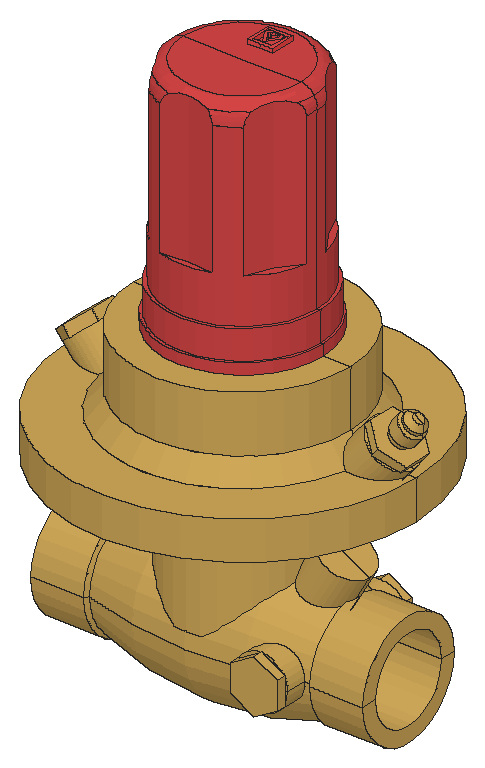
Revit family "Differential Pressure Control Valve 4007 5-30kPa", category Rohrzubehör, Revit 2018 (continued)
Definition of nested family "Handrad für Diff.Druckregler 4007"
  Definition of nested family "Herz-Logo"
    Forms (mm)
      Extrusion 1, solid
        sketch origin (0, 0, 0) x (1, 0, 0) y (0, 1, 0)
          loop
            arc (3.032, 2.383) -> (1.507, 3.287) -> (-0.018, 2.383) r 1.738
          loop
            arc (1.885, 1.272) -> (2.005, 1.675) -> (1.885, 2.079) r 0.74
            arc (1.885, 2.079) -> (1.265, 2.416) -> (0.644, 2.079) r 0.74
            line (0.644, 2.079) -> (-0.018, 0.97) -> (-0.679, 2.079)
            arc (-0.679, 2.079) -> (-1.3, 2.416) -> (-1.921, 2.079) r 0.74
            arc (-1.921, 2.079) -> (-2.04, 1.675) -> (-1.921, 1.272) r 0.74
            line (-1.921, 1.272) -> (-0.018, -1.658) -> (1.885, 1.272)
        from 0 to 1.5
    Dimensions and locks
      aligned and locked: level to plane 2
Definition of nested family "Herz-Logo-vorne"
  Reference planes
    plane 1 "Mitte (Vorne/hinten)": y = 0
    plane 2: z = 0
    plane 3 "Mitte (Links/rechts)": x = 0
  Forms (mm)
    Extrusion 1, solid
      sketch origin (0.732, -0.018, 0.017) x (0, -1, 0) y (0, 0, 1)
        loop
          line (-0.018, -4.517) -> (4.482, -4.517) -> (4.482, 4.483) -> (-4.518, 4.483) -> (-4.518, -4.517) -> (-0.018, -4.517)
        loop
          line (-0.05, -3.48) -> (3.482, -3.48) -> (3.482, 3.483) -> (-3.518, 3.483) -> (-3.518, -3.48) -> (-0.05, -3.48)
        loop
          arc (-0.018, 2.383) -> (-1.543, 3.287) -> (-3.067, 2.383) r 1.738
          arc (-3.067, 2.383) -> (-3.191, 1.899) -> (-3.067, 1.415) r 1.009
          line (-3.067, 1.415) -> (-0.018, -3.281) -> (3.032, 1.415)
          arc (3.032, 1.415) -> (3.156, 1.899) -> (3.032, 2.383) r 1.009
          arc (3.032, 2.383) -> (1.507, 3.287) -> (-0.018, 2.383) r 1.738
        loop
          arc (1.885, 1.272) -> (2.005, 1.675) -> (1.885, 2.079) r 0.74
          arc (1.885, 2.079) -> (1.265, 2.416) -> (0.644, 2.079) r 0.74
          line (0.644, 2.079) -> (-0.018, 0.97) -> (-0.679, 2.079)
          arc (-0.679, 2.079) -> (-1.3, 2.416) -> (-1.921, 2.079) r 0.74
          arc (-1.921, 2.079) -> (-2.04, 1.675) -> (-1.921, 1.272) r 0.74
          line (-1.921, 1.272) -> (-0.018, -1.658) -> (1.885, 1.272)
      from 0 to 1.5
  Dimensions and locks
    aligned and locked: level to plane 2
